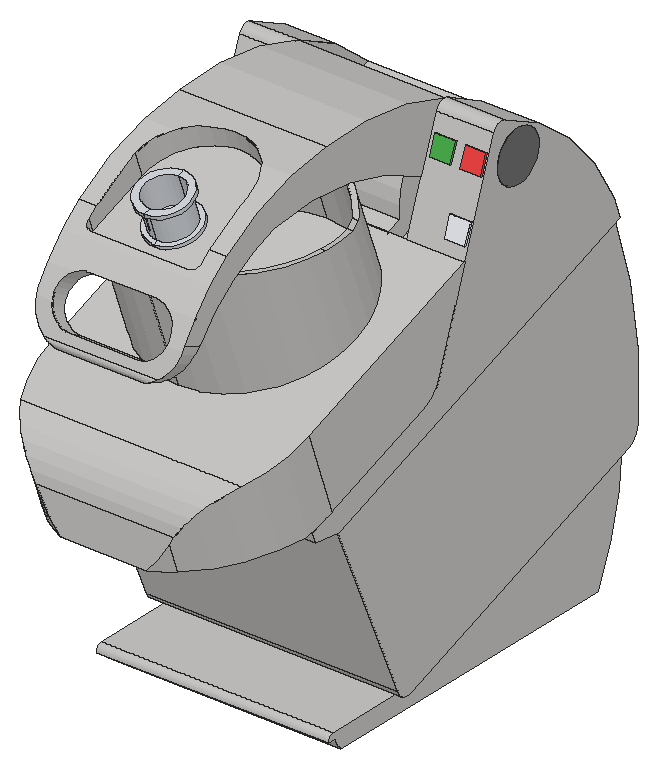
Revit family "QF_DITOSAMA_600421_DTRSY1V503", category Specialty Equipment, Revit 2018
Family settings
  Round Connector Dimension = Use Diameter
  Part Type = Normal
  Work Plane-Based = No
  Always vertical = Yes
  Cut with Voids When Loaded = No
  Shared = No
  Room Calculation Point = No
Parameters (values of type "QF_DITO SAMA_600421_DTRSY1V503")
  Weight = 21.40 kg
  Watts = 0 W
  Volts = 200 V
  URL Manufacturer = "http://www.ditosama.com"
  URL = "http://www.ditosama.com"
  Steam Supply Size = 0 mm
  Steam Supply Minimum Pressure = 0.0 Pa
  Steam Supply Maximum Pressure = 0.0 Pa
  Steam Pounds per Hour = 0
  Refrigeration Suction Line Size = 0 mm
  Refrigeration Liquid Line Size = 0 mm
  Refrigerant Compressor Remote = yes
  Manufacturer = "Dito Sama"
  Phase = 3
  Model = "DTRSY1V503"
  Length Actual = 252 mm  # constant formula
  Item Number = "600421"
  Hot Water Size = 0 mm
  Height Actual = 515 mm  # constant formula
  HP = "0.7 HP"
  Gas Size = 0 mm
  Gas KW = 0
  Gas Input Pressure = 0 W
  Direct Waste Size = 0 mm
  Description = "VEGETABLE SLICER-1 SPEED-500W-380-440/3/50-60"
  Depth Actual = 500 mm  # constant formula
  Cycle = 60 Hz
  Condensate Return Size = 0 mm
  Compressed Air Volume = 0.0 L/s
  Compressed Air Size = 0 mm
  Compressed Air Pressure = 0.0 Pa
  Cold Water Size = 0 mm
  Accessory = yes
Reference planes
  plane 1 "Center (Front/Back)": y = 0
  plane 2: z = 0
  plane 3 "Center (Left/Right)": x = 0
  plane 4 "BASE": through (-1506.947, -1354.442, -482.669) normal (0, -0.342, 0.9397)
  plane 5 "TOP": z = 780
  plane 6 "FRONT": y = -250
  plane 7 "BACK": y = 250
  plane 8 "LEFT": x = -126
  plane 9 "RIGHT": x = 126
  plane 10 "BaseSup": through (4267.2, -355.454, 143.983) normal (0, -0.342, 0.9397)
  plane 11 "TopCylinder": z = 502
  plane 12 "panel": through (4267.2, 37.396, 376.789) normal (0, -0.9397, 0.342)
  plane 13 "TAN1": through (4267.2, -242.8, 386.84) normal (0, -0.868, 0.4965)
  plane 14 "cx": x = -4.392
Forms (mm)
  Extrusion 1, solid, material "QF_Finishes_Stainless Steel"
    sketch origin (0, 71.755, 29.173) x (0, 0.939693, 0.34202) y (0, -0.34202, 0.939693)
      loop
        line (194.125, 30) -> (-100, 30) -> (-172.671, 56.45)
        arc (-172.671, 56.45) -> (-177.706, 56.23) -> (-181.11, 52.515) r 6.584
        line (-181.11, 52.515) -> (-172.825, 49.499)
        arc (-172.825, 49.499) -> (-173.282, 42.917) -> (-170.601, 36.887) r 13.662
        line (-170.601, 36.887) -> (125.402, -70.849)
        arc (125.402, -70.849) -> (140.415, -55.659) -> (154.125, -39.282) r 258.806
        arc (154.125, -39.282) -> (176.416, -5.964) -> (194.125, 30) r 303.676
    from -114.1 to 114.1
  Extrusion 2, solid, material "QF_Finishes_Stainless Steel"
    sketch origin (0, 71.755, 29.173) x (0, 0.939693, 0.34202) y (0, -0.34202, 0.939693)
      loop
        arc (-117.754, 231.836) -> (-115.421, 136.806) -> (-106.378, 42.177) r 1344.145
        arc (-106.378, 42.177) -> (-102.811, 33.567) -> (-94.2, 30) r 12.177
        line (-94.2, 30) -> (191.415, 30)
        arc (191.415, 30) -> (200.799, 34.052) -> (207.001, 42.177) r 20.212
        arc (207.001, 42.177) -> (237.263, 134.79) -> (245.906, 231.836) r 430.148
        line (245.906, 231.836) -> (-117.754, 231.836)
    from -123.6 to 123.2
  Extrusion 3, solid, material "QF_Finishes_Stainless Steel"
    sketch origin (0, 71.755, 29.173) x (0, 0.939693, 0.34202) y (0, -0.34202, 0.939693)
      loop
        line (-117.754, 231.836) -> (250, 231.836) -> (250, 254)
        arc (250, 254) -> (225.127, 344.7) -> (167.861, 419.303) r 244.524
        arc (167.861, 419.303) -> (160.498, 421.774) -> (153.587, 418.23) r 10
        line (153.587, 418.23) -> (25.432, 265.5)
        arc (25.432, 265.5) -> (14.376, 257.016) -> (0.77, 254) r 32.194
        line (0.77, 254) -> (-142.678, 254) -> (-142.678, 244) -> (-117.754, 231.836)
    from -125 to 125
  Extrusion 4, void
    sketch origin (0, 71.755, 29.173) x (0, 0.939693, 0.34202) y (0, -0.34202, 0.939693)
      loop
        line (146.605, 338.403) -> (228.145, 338.403)
        arc (228.145, 338.403) -> (202.221, 381.996) -> (167.861, 419.303) r 244.524
        arc (167.861, 419.303) -> (160.498, 421.774) -> (153.587, 418.23) r 10
        line (153.587, 418.23) -> (72.34, 321.403) -> (146.605, 321.403) -> (146.605, 338.403)
    from -76.755 to 68.071
  Extrusion 5, solid, material "QF_Finishes_Stainless Steel"
    sketch origin (0, 71.755, 29.173) x (0, 0.939693, 0.34202) y (0, -0.34202, 0.939693)
      loop
        line (86.605, 338.403) -> (69.605, 321.403) -> (146.605, 321.403) -> (146.605, 338.403) -> (138.179, 338.403) -> (138.179, 369.367)
        arc (138.179, 369.367) -> (147.784, 373.474) -> (158.149, 372.174) r 19.987
        arc (158.149, 372.174) -> (156.791, 382.001) -> (162.888, 389.826) r 12.748
        arc (162.888, 389.826) -> (123.302, 374.774) -> (101.605, 338.403) r 64.447
        line (101.605, 338.403) -> (86.605, 338.403)
    from -65 to 50
  Extrusion 6, solid, material "QF_Finishes_Stainless Steel"
    sketch origin (539, 71.755, 29.173) x (0, -0.939693, -0.34202) y (0, -0.34202, 0.939693)
      loop
        circle (-169.102, 378.696) r 12.748
    from 489 to 604
  Extrusion 7, solid, material "QF_Finishes_Rubber Black"
    sketch origin (0, 71.755, 29.173) x (0, 0.939693, 0.34202) y (0, -0.34202, 0.939693)
      loop
        circle (169.102, 378.696) r 25
    from 125 to 126.6
  Extrusion 8, solid, material "QF_Finishes_Green"
    sketch origin (-10, -113.728, -38.42) x (0, -0.34202, -0.939693) y (1, 0, 0)
      loop
        line (-529.862, 82.865) -> (-509.862, 82.865) -> (-509.862, 102.865) -> (-529.862, 102.865) -> (-529.862, 82.865)
    from 0 to 1.6
  Extrusion 9, solid, material "QF_Finishes_Red"
    sketch origin (20, -113.728, -38.42) x (0, -0.34202, -0.939693) y (1, 0, 0)
      loop
        line (-529.862, 82.865) -> (-509.862, 82.865) -> (-509.862, 102.865) -> (-529.862, 102.865) -> (-529.862, 82.865)
    from 0 to 1.6
  Extrusion 10, solid, material "QF_Finishes_White"
    sketch origin (19.976, -149.421, -75.636) x (0, -0.34202, -0.939693) y (1, 0, 0)
      loop
        line (-521.192, 82.865) -> (-501.192, 82.865) -> (-501.192, 102.865) -> (-521.192, 102.865) -> (-521.192, 82.865)
    from 0 to 1.6
  Extrusion 11, solid, material "QF_Finishes_Rubber Black"
    sketch origin (-20, -306.935, 99.376) x (0, -1, 0) y (1, 0, 0)
      loop
        circle (-230.144, 103.748) r 10
      loop
        circle (-230.144, -61.252) r 10
    from 9.274 to 3.787
  Extrusion 12, void
    sketch origin (-20.94, 306.731, 139.428) x (-1, 0, 0) y (0, -0.34202, 0.939693)
      loop
        circle (-20.94, 196.093) r 10
    from -1.916 to -26.433
  Extrusion 13, solid, material "QF_Finishes_Stainless Steel"
    sketch origin (-20.94, 306.678, 139.573) x (-1, 0, 0) y (0, -0.34202, 0.939693)
      loop
        circle (-20.94, 195.939) r 9.999
    from -8.514 to -26.433
  Extrusion 14, solid, material "QF_Finishes_Stainless Steel"
    sketch origin (0, -15.119, 267.855) x (0, -0.939693, -0.34202) y (1, 0, 0)
      loop
        line (-86.605, -125) -> (117.754, -125)
        arc (117.754, -125) -> (182.577, -108.838) -> (232.224, -64.135) r 138.076
        arc (232.224, -64.135) -> (246.337, -33.516) -> (250, 0) r 104.824
        arc (250, 0) -> (246.337, 33.516) -> (232.224, 64.135) r 104.824
        arc (232.224, 64.135) -> (182.577, 108.838) -> (117.754, 125) r 138.076
        line (117.754, 125) -> (-86.605, 125) -> (-86.605, -125)
    from 0 to 84.403
  Extrusion 15, void
    sketch origin (0, 71.755, 29.173) x (0, 0.939693, 0.34202) y (0, -0.34202, 0.939693)
      loop
        line (-148.177, 254) -> (-243.49, 272.527) -> (-229.509, 307.133)
        arc (-229.509, 307.133) -> (-211.109, 329.855) -> (-183.149, 338.403) r 50
        line (-183.149, 338.403) -> (-263.395, 338.403) -> (-263.395, 254) -> (-148.177, 254)
      loop
        line (86.605, 338.403) -> (25.432, 265.5)
        arc (25.432, 265.5) -> (14.376, 257.016) -> (0.77, 254) r 32.194
        line (0.77, 254) -> (86.605, 254) -> (86.605, 338.403)
    from -156.555 to 144.79
  Extrusion 16, solid, material "QF_Finishes_Rubber Black"
    sketch origin (-20, -28.598, 99.376) x (0, -1, 0) y (1, 0, 0)
      loop
        circle (-230.144, 103.748) r 10
      loop
        circle (-230.144, -61.252) r 10
    from 9.274 to 3.787
  Extrusion 17, solid, material "QF_Finishes_Stainless Steel"
    sketch origin (0, 0, 0) x (0, 1, 0) y (0, 0, 1)
      loop
        arc (-237.987, 360.286) -> (-193.334, 422.101) -> (-125.907, 457.716) r 167.502
        arc (-125.907, 457.716) -> (-32.614, 457.202) -> (54.785, 424.565) r 266.494
        line (54.785, 424.565) -> (73.036, 474.711)
        arc (73.036, 474.711) -> (77.269, 479.853) -> (83.792, 481.198) r 10
        arc (83.792, 481.198) -> (12.917, 500.705) -> (-60.594, 500.999) r 278.64
        arc (-60.594, 500.999) -> (-125.023, 488.463) -> (-183.511, 458.675) r 236.13
        arc (-183.511, 458.675) -> (-222.818, 420.732) -> (-248.457, 372.49) r 174.407
        arc (-248.457, 372.49) -> (-249.83, 368.135) -> (-247.05, 364.513) r 4.945
        line (-247.05, 364.513) -> (-237.987, 360.286)
    from -76.755 to 68.071
  Extrusion 18, void
    sketch origin (0, -252.846, 369.279) x (0, -0.496521, -0.868025) y (1, 0, 0)
      loop
        line (-13.723, -36.755) -> (-13.723, 28.071)
        arc (-13.723, 28.071) -> (-38.723, 53.071) -> (-63.723, 28.071) r 25
        line (-63.723, 28.071) -> (-63.723, -36.755)
        arc (-63.723, -36.755) -> (-38.723, -61.755) -> (-13.723, -36.755) r 25
    from -148.493 to 7.125
  Extrusion 19, void
    sketch origin (0, -88.076, 32.057) x (0, -0.34202, -0.939693) y (1, 0, 0)
      loop
        line (-257.162, 68.071) -> (-297.162, 68.071)
        arc (-297.162, 68.071) -> (-268.878, 56.356) -> (-257.162, 28.071) r 40
        line (-257.162, 28.071) -> (-257.162, 68.071)
      loop
        line (-257.162, -76.755) -> (-257.162, -36.755)
        arc (-257.162, -36.755) -> (-268.878, -65.039) -> (-297.162, -76.755) r 40
        line (-297.162, -76.755) -> (-257.162, -76.755)
    from 233.374 to 280.473
  Extrusion 20, void
    sketch origin (0, -73.76, 246.511) x (0, -0.939693, -0.34202) y (1, 0, 0)
      loop
        spline (50.415, 43.499) -> (50.302, 44.538) -> (50.07, 45.551) -> (49.722, 46.523) -> (49.265, 47.436) -> (48.705, 48.278) -> (48.053, 49.034) -> (47.317, 49.692) -> (46.511, 50.241) -> (45.647, 50.674) -> (44.738, 50.981) -> (43.801, 51.16) -> (42.848, 51.221)
        line (42.848, 51.221) -> (-21.826, 51.221)
        arc (-21.826, 51.221) -> (-77.476, -4.429) -> (-21.826, -60.078) r 55.65
        line (-21.826, -60.078) -> (42.849, -60.064)
        spline (42.849, -60.064) -> (43.796, -60.017) -> (44.73, -59.836) -> (45.637, -59.525) -> (46.5, -59.088) -> (47.306, -58.532) -> (48.042, -57.867) -> (48.695, -57.103) -> (49.256, -56.253) -> (49.715, -55.331) -> (50.065, -54.351) -> (50.3, -53.329) -> (50.415, -52.283)
        line (50.415, -52.283) -> (50.415, 43.499)
    from 219.928 to 259.975
  Extrusion 21, void
    sketch origin (0, -87.856, 241.381) x (0, -0.939693, -0.34202) y (1, 0, 0)
      loop
        circle (-4.976, -4.429) r 22.5
    from 184.171 to 259.975
  Extrusion 22, solid, material "QF_Finishes_Stainless Steel"
    sketch origin (0, -57.13, 252.564) x (0, -0.939693, -0.34202) y (1, 0, 0)
      loop
        circle (-27.476, -4.429) r 100
      loop
        circle (-27.476, -4.429) r 95
    from 84.403 to 219.928
  Extrusion 23, void
    sketch origin (539, 0, 0) x (0, -1, 0) y (0, 0, 1)
      loop
        line (-7.229, 448.453) -> (38.883, 431.669) -> (53.883, 431.669) -> (97.232, 435.738) -> (172.232, 435.738) -> (200.5, 434.424) -> (12.562, 502.828) -> (-7.229, 448.453)
    from 424.9 to 664
  Revolve 24, solid
    sketch origin (-4.392, 0, 0) x (0, 1, 0) y (0, 0, 1)
      loop
        line (-159.523, 452.833) -> (-177.266, 446.376) -> (-188.766, 477.973) -> (-195.199, 475.631) -> (-193.959, 472.225) -> (-189.261, 473.935) -> (-179, 445.744) -> (-183.698, 444.034) -> (-182.575, 440.948) -> (-179.543, 442.052) -> (-133.191, 314.7) -> (-112.048, 322.396) -> (-159.523, 452.833)
      axis (-112.048, 322.396) -> (-171.023, 484.431)
    angle from 0 to 360
  Extrusion 25, solid, material "QF_Door-Drawer Clearances", detail levels coarse
    sketch origin (0, -259.129, 728.467) x (0, -0.462376, -0.886684) y (0, 0.886684, -0.462376)
      loop
        arc (-237.987, 360.286) -> (-193.334, 422.101) -> (-125.907, 457.716) r 167.502
        arc (-125.907, 457.716) -> (-32.614, 457.202) -> (54.785, 424.565) r 266.494
        line (54.785, 424.565) -> (59.562, 427.056)
        arc (59.562, 427.056) -> (59.025, 458.234) -> (62.46, 489.226) r 244.524
        arc (62.46, 489.226) -> (1.594, 502.023) -> (-60.594, 500.999) r 278.64
        arc (-60.594, 500.999) -> (-125.023, 488.463) -> (-183.511, 458.675) r 236.13
        arc (-183.511, 458.675) -> (-222.818, 420.732) -> (-248.457, 372.49) r 174.407
        arc (-248.457, 372.49) -> (-249.83, 368.135) -> (-247.05, 364.513) r 4.945
        line (-247.05, 364.513) -> (-237.987, 360.286)
    from -76.755 to 68.071
  Extrusion 26, solid, material "QF_Door-Drawer Clearances", detail levels coarse
    sketch origin (-4.392, 0, 0) x (0, 1, 0) y (0, 0, 1)
      loop
        arc (180.062, 780.324) -> (-149.234, 694.151) -> (-249.905, 368.994) r 350.321
        line (-249.905, 368.994) -> (-246.546, 377.767)
        arc (-246.546, 377.767) -> (-144.345, 691.9) -> (174.993, 776.44) r 345.321
        line (174.993, 776.44) -> (180.062, 780.324)
    from -60 to 60
Cuts and joins
  Extrusion 4, Extrusion 19, Extrusion 20, Extrusion 21 cuts Extrusion 3
  Extrusion 15, Extrusion 19, Extrusion 20, Extrusion 21 cuts Extrusion 14
  Extrusion 18, Extrusion 19, Extrusion 20, Extrusion 21 cuts Extrusion 17
  Extrusion 12, Extrusion 20, Extrusion 21 cuts Extrusion 2
  Extrusion 23 cuts Extrusion 22
Lines and regions (mm)
  model lines
    curve 1: line (-65, 80.335, 302.597) -> (50, 80.335, 302.597)
    curve 2: line (-65, 83.13, 303.615) -> (50, 83.13, 303.615)
Dimensions and locks
  plane 5 "TOP" to level = 780 mm
  plane 8 "LEFT" to plane 3 "Center (Left/Right)" to plane 9 "RIGHT" = 126 mm, 126 mm
  plane 7 "BACK" to plane 1 "Center (Front/Back)" to plane 6 "FRONT" = 250 mm, 250 mm
  plane 5 "TOP" to plane 2 = 780 mm
  plane 5 "TOP" to plane 11 "TopCylinder" = 278 mm
  plane 6 "FRONT" to plane 7 "BACK" = 500 mm
  plane 7 "BACK" to plane 6 "FRONT" = 500 mm
  plane 11 "TopCylinder" to level = 502 mm
  aligned and locked: level to plane 2
Connectors
  electrical at (0, 231.662, 320.783), driven by "Volts"
    settings: on Extrusion 13, index 1, voltage 200 V, apparent load 0 VA, apparent load phase1 0 VA, apparent load phase2 0 VA, apparent load phase3 0 VA, power factor 1, load classification "Other", number of poles 1, system type 30, power factor state 1, is connector primary yes, connector utility no, sub classification motor no, connector description "Electrical Connection"
